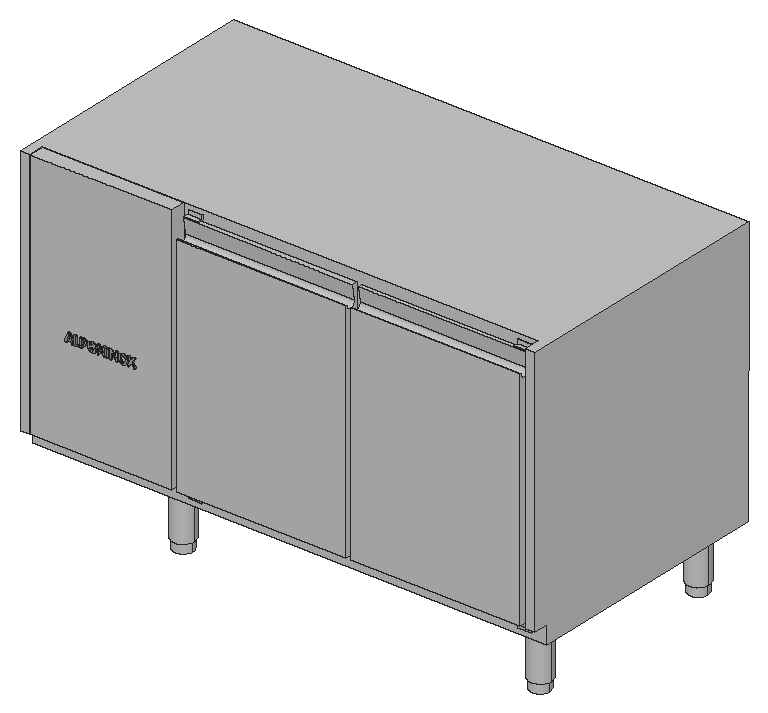
Revit family "QF_ALPENINOX_712000_AH2H7AA", category Specialty Equipment, Revit 2018
Family settings
  Round Connector Dimension = Use Diameter
  Part Type = Normal
  Work Plane-Based = No
  Always vertical = Yes
  Cut with Voids When Loaded = No
  Shared = No
  Room Calculation Point = No
Parameters
  Weight = 0.00 kg
  Watts = 0.0232258 W
  Volts = 220 V
  URL Manufacturer = "http://www.alpeninox.com/"
  URL = "http://www.alpeninox.com/"
  Steam Supply Size = 0 mm
  Steam Supply Minimum Pressure = 0.0 Pa
  Steam Supply Maximum Pressure = 0.0 Pa
  Steam Pounds per Hour = 0
  Show Logo [instance] = yes
  Show Clearance [instance] = yes
  Refrigeration Suction Line Size = 0 mm
  Refrigeration Liquid Line Size = 0 mm
  Refrigerant Compressor Remote = yes
  Manufacturer = "Alpeninox"
  Phase = 1
  Model = "AH2H7AA"
  Length Actual = 1341 mm  # constant formula
  Item Number = "712000"
  Hot Water Size = 0 mm
  Height Actual = 850 mm  # constant formula
  HP = "0.3 HP"
  Gas Size = 0 mm
  Gas KW = 0
  Gas Input Pressure = 0 W
  Description = "2 DOORS REFRIGERATED TABLE 290-NO TOP"
  Depth Actual = 700 mm  # constant formula
  Cycle = 50 Hz
  Condensate Return Size = 0 mm
  Compressed Air Volume = 0.0 L/s
  Compressed Air Size = 0 mm
  Compressed Air Pressure = 0.0 Pa
  Cold Water Size = 0 mm
  Accessory = yes
Reference planes
  plane 1 "Center X": y = 182.5
  plane 2: z = 0
  plane 3 "Center Y": x = -126.5
  plane 4: y = -62.5
  plane 5: y = 451.5
  plane 6 "BACK": y = 532.5
  plane 7 "FRONT": y = -167.5
  plane 8: x = -452
  plane 9: x = 478
  plane 10: z = 150
  plane 11 "TOP": z = 900
  plane 12: z = 850
  plane 13 "LEFT": x = -797
  plane 14 "RIGHT": x = 544
Forms (mm)
  Extrusion 1, solid, material "QF_Finishes_Stainless Steel"
    sketch origin (-126.5, 2, 0) x (0, 1, 0) y (0, 0, 1)
      loop
        line (530.5, 150) -> (530.5, 850) -> (-124.5, 850) -> (-124.5, 150) -> (530.5, 150)
    from -670.5 to 670.5
  Extrusion 2, solid, material "QF_Finishes_Stainless Steel"
    sketch origin (-1022.223, -1524, 150) x (-1, 0, 0) y (0, -1, 0)
      loop
        line (-225.223, -1361.5) -> (-250.223, -1361.5) -> (-250.223, -1401.5) -> (-225.223, -1401.5) -> (-225.223, -1361.5)
      loop
        line (-1566.223, -1401.5) -> (-1541.223, -1401.5) -> (-1541.223, -1361.5) -> (-1566.223, -1361.5) -> (-1566.223, -1401.5)
    from 47 to 700
  Extrusion 3, solid, material "QF_Finishes_Stainless Steel"
    sketch origin (0, 0, 900) x (-1, 0, 0) y (0, -1, 0)
      loop
        circle (-57, -94.5) r 8.45
    from -790.577 to -750
  Extrusion 4, solid, material "QF_Finishes_Stainless Steel"
    sketch origin (0, 0, 0) x (1, 0, 0) y (0, 1, 0)
      loop
        circle (-713, 451.5) r 4
    from 109.423 to 150
Cuts and joins
  joined: Extrusion 1, Extrusion 2
Lines and regions (mm)
  symbolic lines, style "SpecialityEquipmentHiddenLines"
    curve 1: line (-797, -122.5, 900) -> (544, -122.5, 900)
    curve 2: line (-396, -162.5, 900) -> (-396, -122.5, 900)
    curve 3: line (-797, 532.5, 900) -> (544, 532.5, 900)
    curve 4: line (-797, 532.5, 900) -> (-797, -162.5, 900)
    curve 5: line (-797, -162.5, 900) -> (544, -162.5, 900)
    curve 6: line (544, -162.5, 900) -> (544, 532.5, 900)
Dimensions and locks
  locked: plane 6 "BACK" to plane 7 "FRONT" at 700
  equal spacing: plane 6 "BACK", plane 1 "Center X", plane 7 "FRONT"
  locked: plane 6 "BACK" to plane 5 at 81
  plane 10 to level = 150 mm
  plane 11 "TOP" to plane 12 to plane 10 = 50 mm locked, 700 mm locked
  locked: Extrusion 2 sketch curve to Extrusion 2 sketch curve at 25  (x2)
  locked: plane 4 to plane 7 "FRONT" at 105
  locked: plane 6 "BACK" to Extrusion 3 sketch curve at 438
  equal spacing: plane 13 "LEFT", plane 3 "Center Y", plane 14 "RIGHT"
  plane 13 "LEFT" to plane 14 "RIGHT" = 1341 mm
  locked: plane 13 "LEFT" to plane 8 at 345
  locked: plane 9 to plane 14 "RIGHT" at 66
  locked: Extrusion 3 sketch curve to plane 14 "RIGHT" at 487
  plane 13 "LEFT" to Extrusion 4 sketch curve = 84 mm
  locked: plane 6 "BACK" to Extrusion 4 sketch curve at 81
  locked: plane 10 to Extrusion 4 at 40.577
  aligned and locked: level to plane 2
  aligned and locked: plane 10 to Extrusion 3
  aligned and locked: nested 4 to plane 4
  aligned and locked: nested 1 to plane 4
  aligned and locked: nested 3 to plane 5
  aligned and locked: nested 2 to plane 5
  aligned and locked: plane 8 to nested 1
  aligned and locked: plane 8 to nested 2
  aligned and locked: plane 9 to nested 4
  aligned and locked: plane 9 to nested 3
  aligned and locked: Extrusion 1 to Extrusion 2
  aligned and locked: Extrusion 2 to Extrusion 1
  aligned and locked: Extrusion 2 sketch curve to plane 14 "RIGHT"
  aligned and locked: plane 13 "LEFT" to Extrusion 2 sketch curve
  aligned and locked: cut or joined group of Extrusion 1, Extrusion 2 to plane 10
  aligned and locked: plane 12 to cut or joined group of Extrusion 1, Extrusion 2
  aligned and locked: plane 10 to Extrusion 4
Automatic sketch dimensions
  Extrusion 1 sketch curve to plane 10 = 0 mm
  Extrusion 1 sketch curve to plane 12 = 0 mm
  Extrusion 1 sketch curve to plane 6 "BACK" = 0 mm
  plane 7 "FRONT" to Extrusion 1 sketch curve = 45 mm
  plane 7 "FRONT" to Extrusion 2 sketch curve = 45 mm  (x2)
  plane 7 "FRONT" to Extrusion 2 sketch curve = 5 mm  (x2)
  curve 6 to plane 6 "BACK" = 0 mm
  curve 6 to plane 14 "RIGHT" = 0 mm
  curve 5 to plane 13 "LEFT" = 0 mm
  plane 7 "FRONT" to curve 5 = 5 mm
  plane 8 to curve 2 = 56 mm
  curve 1 to curve 4 = 40 mm
  radius of Extrusion 3 sketch curve = 8.45 mm
  radius of Extrusion 4 sketch curve = 4 mm
Nested families
  nested 1: "Foot_Ø50_H150" at (-452, -62.5, 0), type "Foot_Ø50_H150"
  nested 2: "Foot_Ø50_H150" at (-452, 451.5, 0), type "Foot_Ø50_H150"
  nested 3: "Foot_Ø50_H150" at (478, 451.5, 0), type "Foot_Ø50_H150"
  nested 4: "Foot_Ø50_H150" at (478, -62.5, 0), type "Foot_Ø50_H150"
  nested 5: "Door" at (285, -164.5, 0), Show Clearance <- "Show Clearance", type "Door"
  nested 6: "Door" at (-169, -164.5, 0) x (-1, 0, 0) z (0, 0, 1), Show Clearance <- "Show Clearance", type "Door"
  nested 7: "Refrigerator" at (544, -167.5, 900), type "Refrigerator"
  nested 8: "ALP_Cooling Unit" at (-587.5, -164.5, 0), Show Logo <- "Show Logo", type "ALP_Cooling Unit"
Connectors
  electrical at (-713, 451.5, 109.423), driven by "Volts"
    settings: on Extrusion 4, index 4, voltage 220 V, apparent load 0 VA, apparent load phase1 0 VA, apparent load phase2 0 VA, apparent load phase3 0 VA, power factor 1, load classification "Altro", number of poles 1, system type 30, power factor state 1, is connector primary yes, connector utility no, sub classification motor no, connector description "Electrical Connection"
  piping at (57, 94.5, 109.423), diameter 17
    settings: on Extrusion 3, index 5, connector inside diameter 609.6 mm, connector length 0 mm, flow factor 0, pipe flow 0.0 L/s, pressure drop 0.0 Pa, fitting loss kfactor 0, connector angle 0.00°, fixture units 0, engagement length 0 mm, angle of deflection 0.00°, flow configuration 1, flow direction 2, fitting loss method 0, system type 16, joint type 0, gender type 0, connector reference index -1, connector utility 0, adjustable connector no, is connector primary yes, connector description "Drain"
Definition of nested family "Foot_Ø50_H150"
  Reference planes
    plane 1 "Centro (Fronte/Retro)": y = 0
    plane 2: z = 0
    plane 3 "Centro (Sinistra/Destra)": x = 0
    plane 4: z = 150
  Forms (mm)
    Revolve 1, solid
      sketch origin (255.05, 0, 608.09) x (0, 0, 1) y (-1, 0, 0)
        loop
          line (-608.09, 255.05) -> (-608.09, 230.05) -> (-583.09, 230.05) -> (-583.09, 226.05) -> (-458.09, 226.05) -> (-458.09, 255.05) -> (-608.09, 255.05)
        axis (-608.09, 255.05) -> (-458.09, 255.05)
      angle from 0 to 360
  Dimensions and locks
    locked: Revolve 1 sketch curve to Revolve 1 sketch curve at 125
    aligned and locked: level to plane 2
    aligned and locked: plane 4 to Revolve 1 sketch curve
    aligned and locked: Revolve 1 sketch curve to level
    aligned and locked: plane 3 "Centro (Sinistra/Destra)" to Revolve 1 sketch curve
Definition of nested family "Door"
  Parameters
    Show Clearance [instance] = yes
  Reference planes
    plane 1 "FRONT": y = -3
    plane 2: z = 0
    plane 3 "Centro (Sinistra/Destra)": x = 0
    plane 4: z = 150
    plane 5: z = 850
    plane 6: x = -234
    plane 7: x = 234
    plane 8: x = -220
    plane 9: x = 220
  Forms (mm)
    Extrusion 1, solid
      sketch origin (0, 53, 511) x (0, 0, 1) y (0, -1, 0)
        loop
          line (-323.003, 28.5) -> (-316.501, 28.5) -> (-316.501, 31) -> (-325.503, 31) -> (-325.503, 13.5) -> (-345.503, 13.5) -> (-345.503, 11) -> (-323.003, 11) -> (-323.003, 23.259) -> (-323.003, 28.5)
        loop
          line (-314, 27) -> (-316.501, 27) -> (-316.501, 18.501) -> (-319.752, 18.501) -> (-319.752, 16) -> (-314, 16) -> (-314, 27)
        loop
          line (315.003, 27) -> (315.003, 13.948) -> (315.003, 11) -> (327.503, 11) -> (327.503, 13.5) -> (317.503, 13.5) -> (317.503, 27) -> (315.003, 27)
      from 185 to 220
    Extrusion 2, solid, visible <- "Show Clearance", detail levels coarse
      sketch origin (0, 53, 511) x (0, -1, 0) y (1, 0, 0)
        loop
          line (51, 220) -> (51, -220)
          arc (51, -220) -> (339.234, -79.44) -> (454, 220) r 437.168
          line (454, 220) -> (51, 220)
      from -314 to 314
    Extrusion 3, solid
      sketch origin (0, 55, 511) x (0, 0, 1) y (0, -1, 0)
        loop
          line (314, 18) -> (314, 29) -> (274.395, 22.5)
          arc (274.395, 22.5) -> (260.395, 36.5) -> (274.395, 50.5) r 14
          line (274.395, 50.5) -> (274.395, 53) -> (-314, 53) -> (-314, 18) -> (314, 18)
      from -220 to 220
  Lines and regions (mm)
    symbolic lines
      curve 1: line (220, -3, 0) -> (220, -401, 0)
      curve 2: line (220, -401, 0) -> (185, -401, 0)
      curve 3: line (185, -401, 0) -> (185, -3, 0)
      curve 4: arc (-219.722, -3, 0) -> (-89.51, -275.368, 0) -> (185, -401, 0) r 442.855
  Dimensions and locks
    aligned and locked: level to plane 2
Definition of nested family "ALP_Cooling Unit"
  Parameters
    Show Logo [instance] = yes
  Reference planes
    plane 1 "FRONT": y = -3
    plane 2: z = 0
    plane 3 "Centro (Sinistra/Destra)": x = 0
    plane 4: z = 150
    plane 5: z = 850
    plane 6: x = -184.5
    plane 7: x = 184.5
  Forms (mm)
    Extrusion 1, solid
      sketch origin (0, 55, 511) x (0, 0, 1) y (0, -1, 0)
        loop
          line (-314, 53) -> (-314, 13) -> (339, 13) -> (339, 53) -> (-314, 53)
      from -184.5 to 184.5
  Lines and regions (mm)
    Split face 1
      outline origin (0, 2, 197) x (0, 0, 1) y (-1, 0, 0)
        loop
          line (566.835, 184.5) -> (566.835, -184.5)
        loop
          line (521.835, 184.5) -> (521.835, -184.5)
    Split face 2
      outline origin (0, 2, 197) x (0, 0, 1) y (-1, 0, 0)
        loop
          line (526.835, -184.5) -> (526.835, 150.5)
          arc (526.835, 150.5) -> (544.335, 168) -> (561.835, 150.5) r 17.5
          line (561.835, 150.5) -> (561.835, -184.5)
    Split face 3
      outline origin (0, 2, 197) x (0, 0, 1) y (-1, 0, 0)
        loop
          line (555.835, 149.5) -> (532.835, 149.5) -> (532.835, 94.5) -> (555.835, 94.5) -> (555.835, 149.5)
    Split face 4
      outline origin (0, 2, 197) x (0, 0, 1) y (-1, 0, 0)
        loop
          arc (510.649, 158.547) -> (506.648, 162.548) -> (502.647, 158.547) r 4.001
          line (502.647, 158.547) -> (502.647, 116.535)
          arc (502.647, 116.535) -> (506.648, 112.533) -> (510.649, 116.535) r 4.001
          line (510.649, 116.535) -> (510.649, 158.547)
    Split face 5
      outline origin (0, 2, 184.996) x (0, 0, 1) y (-1, 0, 0)
        loop
          arc (510.649, 158.547) -> (506.648, 162.548) -> (502.647, 158.547) r 4.001
          line (502.647, 158.547) -> (502.647, 116.535)
          arc (502.647, 116.535) -> (506.648, 112.533) -> (510.649, 116.535) r 4.001
          line (510.649, 116.535) -> (510.649, 158.547)
    Split face 6
      outline origin (0, 2, 172.993) x (0, 0, 1) y (-1, 0, 0)
        loop
          arc (510.649, 158.547) -> (506.648, 162.548) -> (502.647, 158.547) r 4.001
          line (502.647, 158.547) -> (502.647, 116.535)
          arc (502.647, 116.535) -> (506.648, 112.533) -> (510.649, 116.535) r 4.001
          line (510.649, 116.535) -> (510.649, 158.547)
    Split face 7
      outline origin (0, 2, 160.989) x (0, 0, 1) y (-1, 0, 0)
        loop
          arc (510.649, 158.547) -> (506.648, 162.548) -> (502.647, 158.547) r 4.001
          line (502.647, 158.547) -> (502.647, 116.535)
          arc (502.647, 116.535) -> (506.648, 112.533) -> (510.649, 116.535) r 4.001
          line (510.649, 116.535) -> (510.649, 158.547)
    Split face 8
      outline origin (0, 2, 148.986) x (0, 0, 1) y (-1, 0, 0)
        loop
          arc (510.649, 158.547) -> (506.648, 162.548) -> (502.647, 158.547) r 4.001
          line (502.647, 158.547) -> (502.647, 116.535)
          arc (502.647, 116.535) -> (506.648, 112.533) -> (510.649, 116.535) r 4.001
          line (510.649, 116.535) -> (510.649, 158.547)
    Split face 9
      outline origin (0, 2, 136.982) x (0, 0, 1) y (-1, 0, 0)
        loop
          arc (510.649, 158.547) -> (506.648, 162.548) -> (502.647, 158.547) r 4.001
          line (502.647, 158.547) -> (502.647, 116.535)
          arc (502.647, 116.535) -> (506.648, 112.533) -> (510.649, 116.535) r 4.001
          line (510.649, 116.535) -> (510.649, 158.547)
    Split face 10
      outline origin (0, 2, 124.979) x (0, 0, 1) y (-1, 0, 0)
        loop
          arc (510.649, 158.547) -> (506.648, 162.548) -> (502.647, 158.547) r 4.001
          line (502.647, 158.547) -> (502.647, 116.535)
          arc (502.647, 116.535) -> (506.648, 112.533) -> (510.649, 116.535) r 4.001
          line (510.649, 116.535) -> (510.649, 158.547)
    Split face 11
      outline origin (0, 2, 112.975) x (0, 0, 1) y (-1, 0, 0)
        loop
          arc (510.649, 158.547) -> (506.648, 162.548) -> (502.647, 158.547) r 4.001
          line (502.647, 158.547) -> (502.647, 116.535)
          arc (502.647, 116.535) -> (506.648, 112.533) -> (510.649, 116.535) r 4.001
          line (510.649, 116.535) -> (510.649, 158.547)
    Split face 12
      outline origin (0, 2, 100.972) x (0, 0, 1) y (-1, 0, 0)
        loop
          arc (510.649, 158.547) -> (506.648, 162.548) -> (502.647, 158.547) r 4.001
          line (502.647, 158.547) -> (502.647, 116.535)
          arc (502.647, 116.535) -> (506.648, 112.533) -> (510.649, 116.535) r 4.001
          line (510.649, 116.535) -> (510.649, 158.547)
    Split face 13
      outline origin (0, 2, 88.968) x (0, 0, 1) y (-1, 0, 0)
        loop
          arc (510.649, 158.547) -> (506.648, 162.548) -> (502.647, 158.547) r 4.001
          line (502.647, 158.547) -> (502.647, 116.535)
          arc (502.647, 116.535) -> (506.648, 112.533) -> (510.649, 116.535) r 4.001
          line (510.649, 116.535) -> (510.649, 158.547)
    Split face 14
      outline origin (0, 2, 76.965) x (0, 0, 1) y (-1, 0, 0)
        loop
          arc (510.649, 158.547) -> (506.648, 162.548) -> (502.647, 158.547) r 4.001
          line (502.647, 158.547) -> (502.647, 116.535)
          arc (502.647, 116.535) -> (506.648, 112.533) -> (510.649, 116.535) r 4.001
          line (510.649, 116.535) -> (510.649, 158.547)
    Split face 15
      outline origin (0, 2, 64.961) x (0, 0, 1) y (-1, 0, 0)
        loop
          arc (510.649, 158.547) -> (506.648, 162.548) -> (502.647, 158.547) r 4.001
          line (502.647, 158.547) -> (502.647, 116.535)
          arc (502.647, 116.535) -> (506.648, 112.533) -> (510.649, 116.535) r 4.001
          line (510.649, 116.535) -> (510.649, 158.547)
    Split face 16
      outline origin (0, 2, 52.958) x (0, 0, 1) y (-1, 0, 0)
        loop
          arc (510.649, 158.547) -> (506.648, 162.548) -> (502.647, 158.547) r 4.001
          line (502.647, 158.547) -> (502.647, 116.535)
          arc (502.647, 116.535) -> (506.648, 112.533) -> (510.649, 116.535) r 4.001
          line (510.649, 116.535) -> (510.649, 158.547)
    Split face 17
      outline origin (0, 2, 40.954) x (0, 0, 1) y (-1, 0, 0)
        loop
          arc (510.649, 158.547) -> (506.648, 162.548) -> (502.647, 158.547) r 4.001
          line (502.647, 158.547) -> (502.647, 116.535)
          arc (502.647, 116.535) -> (506.648, 112.533) -> (510.649, 116.535) r 4.001
          line (510.649, 116.535) -> (510.649, 158.547)
    Split face 18
      outline origin (0, 2, 28.951) x (0, 0, 1) y (-1, 0, 0)
        loop
          arc (510.649, 158.547) -> (506.648, 162.548) -> (502.647, 158.547) r 4.001
          line (502.647, 158.547) -> (502.647, 116.535)
          arc (502.647, 116.535) -> (506.648, 112.533) -> (510.649, 116.535) r 4.001
          line (510.649, 116.535) -> (510.649, 158.547)
    Split face 19
      outline origin (0, 2, 16.947) x (0, 0, 1) y (-1, 0, 0)
        loop
          arc (510.649, 158.547) -> (506.648, 162.548) -> (502.647, 158.547) r 4.001
          line (502.647, 158.547) -> (502.647, 116.535)
          arc (502.647, 116.535) -> (506.648, 112.533) -> (510.649, 116.535) r 4.001
          line (510.649, 116.535) -> (510.649, 158.547)
    Split face 20
      outline origin (55.016, 2, 197) x (0, 0, 1) y (-1, 0, 0)
        loop
          arc (510.649, 158.547) -> (506.648, 162.548) -> (502.647, 158.547) r 4.001
          line (502.647, 158.547) -> (502.647, 116.535)
          arc (502.647, 116.535) -> (506.648, 112.533) -> (510.649, 116.535) r 4.001
          line (510.649, 116.535) -> (510.649, 158.547)
    Split face 21
      outline origin (55.016, 2, 184.996) x (0, 0, 1) y (-1, 0, 0)
        loop
          arc (510.649, 158.547) -> (506.648, 162.548) -> (502.647, 158.547) r 4.001
          line (502.647, 158.547) -> (502.647, 116.535)
          arc (502.647, 116.535) -> (506.648, 112.533) -> (510.649, 116.535) r 4.001
          line (510.649, 116.535) -> (510.649, 158.547)
    Split face 22
      outline origin (55.016, 2, 172.993) x (0, 0, 1) y (-1, 0, 0)
        loop
          arc (510.649, 158.547) -> (506.648, 162.548) -> (502.647, 158.547) r 4.001
          line (502.647, 158.547) -> (502.647, 116.535)
          arc (502.647, 116.535) -> (506.648, 112.533) -> (510.649, 116.535) r 4.001
          line (510.649, 116.535) -> (510.649, 158.547)
    Split face 23
      outline origin (55.016, 2, 160.989) x (0, 0, 1) y (-1, 0, 0)
        loop
          arc (510.649, 158.547) -> (506.648, 162.548) -> (502.647, 158.547) r 4.001
          line (502.647, 158.547) -> (502.647, 116.535)
          arc (502.647, 116.535) -> (506.648, 112.533) -> (510.649, 116.535) r 4.001
          line (510.649, 116.535) -> (510.649, 158.547)
    Split face 24
      outline origin (55.016, 2, 148.986) x (0, 0, 1) y (-1, 0, 0)
        loop
          arc (510.649, 158.547) -> (506.648, 162.548) -> (502.647, 158.547) r 4.001
          line (502.647, 158.547) -> (502.647, 116.535)
          arc (502.647, 116.535) -> (506.648, 112.533) -> (510.649, 116.535) r 4.001
          line (510.649, 116.535) -> (510.649, 158.547)
    Split face 25
      outline origin (55.016, 2, 136.982) x (0, 0, 1) y (-1, 0, 0)
        loop
          arc (510.649, 158.547) -> (506.648, 162.548) -> (502.647, 158.547) r 4.001
          line (502.647, 158.547) -> (502.647, 116.535)
          arc (502.647, 116.535) -> (506.648, 112.533) -> (510.649, 116.535) r 4.001
          line (510.649, 116.535) -> (510.649, 158.547)
    Split face 26
      outline origin (55.016, 2, 124.979) x (0, 0, 1) y (-1, 0, 0)
        loop
          arc (510.649, 158.547) -> (506.648, 162.548) -> (502.647, 158.547) r 4.001
          line (502.647, 158.547) -> (502.647, 116.535)
          arc (502.647, 116.535) -> (506.648, 112.533) -> (510.649, 116.535) r 4.001
          line (510.649, 116.535) -> (510.649, 158.547)
    Split face 27
      outline origin (55.016, 2, 112.975) x (0, 0, 1) y (-1, 0, 0)
        loop
          arc (510.649, 158.547) -> (506.648, 162.548) -> (502.647, 158.547) r 4.001
          line (502.647, 158.547) -> (502.647, 116.535)
          arc (502.647, 116.535) -> (506.648, 112.533) -> (510.649, 116.535) r 4.001
          line (510.649, 116.535) -> (510.649, 158.547)
    Split face 28
      outline origin (55.016, 2, 100.972) x (0, 0, 1) y (-1, 0, 0)
        loop
          arc (510.649, 158.547) -> (506.648, 162.548) -> (502.647, 158.547) r 4.001
          line (502.647, 158.547) -> (502.647, 116.535)
          arc (502.647, 116.535) -> (506.648, 112.533) -> (510.649, 116.535) r 4.001
          line (510.649, 116.535) -> (510.649, 158.547)
    Split face 29
      outline origin (55.016, 2, 88.968) x (0, 0, 1) y (-1, 0, 0)
        loop
          arc (510.649, 158.547) -> (506.648, 162.548) -> (502.647, 158.547) r 4.001
          line (502.647, 158.547) -> (502.647, 116.535)
          arc (502.647, 116.535) -> (506.648, 112.533) -> (510.649, 116.535) r 4.001
          line (510.649, 116.535) -> (510.649, 158.547)
    Split face 30
      outline origin (55.016, 2, 76.965) x (0, 0, 1) y (-1, 0, 0)
        loop
          arc (510.649, 158.547) -> (506.648, 162.548) -> (502.647, 158.547) r 4.001
          line (502.647, 158.547) -> (502.647, 116.535)
          arc (502.647, 116.535) -> (506.648, 112.533) -> (510.649, 116.535) r 4.001
          line (510.649, 116.535) -> (510.649, 158.547)
    Split face 31
      outline origin (55.016, 2, 64.961) x (0, 0, 1) y (-1, 0, 0)
        loop
          arc (510.649, 158.547) -> (506.648, 162.548) -> (502.647, 158.547) r 4.001
          line (502.647, 158.547) -> (502.647, 116.535)
          arc (502.647, 116.535) -> (506.648, 112.533) -> (510.649, 116.535) r 4.001
          line (510.649, 116.535) -> (510.649, 158.547)
    Split face 32
      outline origin (55.016, 2, 52.958) x (0, 0, 1) y (-1, 0, 0)
        loop
          arc (510.649, 158.547) -> (506.648, 162.548) -> (502.647, 158.547) r 4.001
          line (502.647, 158.547) -> (502.647, 116.535)
          arc (502.647, 116.535) -> (506.648, 112.533) -> (510.649, 116.535) r 4.001
          line (510.649, 116.535) -> (510.649, 158.547)
    Split face 33
      outline origin (55.016, 2, 40.954) x (0, 0, 1) y (-1, 0, 0)
        loop
          arc (510.649, 158.547) -> (506.648, 162.548) -> (502.647, 158.547) r 4.001
          line (502.647, 158.547) -> (502.647, 116.535)
          arc (502.647, 116.535) -> (506.648, 112.533) -> (510.649, 116.535) r 4.001
          line (510.649, 116.535) -> (510.649, 158.547)
    Split face 34
      outline origin (55.016, 2, 28.951) x (0, 0, 1) y (-1, 0, 0)
        loop
          arc (510.649, 158.547) -> (506.648, 162.548) -> (502.647, 158.547) r 4.001
          line (502.647, 158.547) -> (502.647, 116.535)
          arc (502.647, 116.535) -> (506.648, 112.533) -> (510.649, 116.535) r 4.001
          line (510.649, 116.535) -> (510.649, 158.547)
    Split face 35
      outline origin (55.016, 2, 16.947) x (0, 0, 1) y (-1, 0, 0)
        loop
          arc (510.649, 158.547) -> (506.648, 162.548) -> (502.647, 158.547) r 4.001
          line (502.647, 158.547) -> (502.647, 116.535)
          arc (502.647, 116.535) -> (506.648, 112.533) -> (510.649, 116.535) r 4.001
          line (510.649, 116.535) -> (510.649, 158.547)
    Split face 36
      outline origin (110.032, 2, 197) x (0, 0, 1) y (-1, 0, 0)
        loop
          arc (510.649, 158.547) -> (506.648, 162.548) -> (502.647, 158.547) r 4.001
          line (502.647, 158.547) -> (502.647, 116.535)
          arc (502.647, 116.535) -> (506.648, 112.533) -> (510.649, 116.535) r 4.001
          line (510.649, 116.535) -> (510.649, 158.547)
    Split face 37
      outline origin (110.032, 2, 184.996) x (0, 0, 1) y (-1, 0, 0)
        loop
          arc (510.649, 158.547) -> (506.648, 162.548) -> (502.647, 158.547) r 4.001
          line (502.647, 158.547) -> (502.647, 116.535)
          arc (502.647, 116.535) -> (506.648, 112.533) -> (510.649, 116.535) r 4.001
          line (510.649, 116.535) -> (510.649, 158.547)
    Split face 38
      outline origin (110.032, 2, 172.993) x (0, 0, 1) y (-1, 0, 0)
        loop
          arc (510.649, 158.547) -> (506.648, 162.548) -> (502.647, 158.547) r 4.001
          line (502.647, 158.547) -> (502.647, 116.535)
          arc (502.647, 116.535) -> (506.648, 112.533) -> (510.649, 116.535) r 4.001
          line (510.649, 116.535) -> (510.649, 158.547)
    Split face 39
      outline origin (110.032, 2, 160.989) x (0, 0, 1) y (-1, 0, 0)
        loop
          arc (510.649, 158.547) -> (506.648, 162.548) -> (502.647, 158.547) r 4.001
          line (502.647, 158.547) -> (502.647, 116.535)
          arc (502.647, 116.535) -> (506.648, 112.533) -> (510.649, 116.535) r 4.001
          line (510.649, 116.535) -> (510.649, 158.547)
    Split face 40
      outline origin (110.032, 2, 148.986) x (0, 0, 1) y (-1, 0, 0)
        loop
          arc (510.649, 158.547) -> (506.648, 162.548) -> (502.647, 158.547) r 4.001
          line (502.647, 158.547) -> (502.647, 116.535)
          arc (502.647, 116.535) -> (506.648, 112.533) -> (510.649, 116.535) r 4.001
          line (510.649, 116.535) -> (510.649, 158.547)
    Split face 41
      outline origin (110.032, 2, 136.982) x (0, 0, 1) y (-1, 0, 0)
        loop
          arc (510.649, 158.547) -> (506.648, 162.548) -> (502.647, 158.547) r 4.001
          line (502.647, 158.547) -> (502.647, 116.535)
          arc (502.647, 116.535) -> (506.648, 112.533) -> (510.649, 116.535) r 4.001
          line (510.649, 116.535) -> (510.649, 158.547)
    Split face 42
      outline origin (110.032, 2, 124.979) x (0, 0, 1) y (-1, 0, 0)
        loop
          arc (510.649, 158.547) -> (506.648, 162.548) -> (502.647, 158.547) r 4.001
          line (502.647, 158.547) -> (502.647, 116.535)
          arc (502.647, 116.535) -> (506.648, 112.533) -> (510.649, 116.535) r 4.001
          line (510.649, 116.535) -> (510.649, 158.547)
    Split face 43
      outline origin (110.032, 2, 112.975) x (0, 0, 1) y (-1, 0, 0)
        loop
          arc (510.649, 158.547) -> (506.648, 162.548) -> (502.647, 158.547) r 4.001
          line (502.647, 158.547) -> (502.647, 116.535)
          arc (502.647, 116.535) -> (506.648, 112.533) -> (510.649, 116.535) r 4.001
          line (510.649, 116.535) -> (510.649, 158.547)
    Split face 44
      outline origin (110.032, 2, 100.972) x (0, 0, 1) y (-1, 0, 0)
        loop
          arc (510.649, 158.547) -> (506.648, 162.548) -> (502.647, 158.547) r 4.001
          line (502.647, 158.547) -> (502.647, 116.535)
          arc (502.647, 116.535) -> (506.648, 112.533) -> (510.649, 116.535) r 4.001
          line (510.649, 116.535) -> (510.649, 158.547)
    Split face 45
      outline origin (110.032, 2, 88.968) x (0, 0, 1) y (-1, 0, 0)
        loop
          arc (510.649, 158.547) -> (506.648, 162.548) -> (502.647, 158.547) r 4.001
          line (502.647, 158.547) -> (502.647, 116.535)
          arc (502.647, 116.535) -> (506.648, 112.533) -> (510.649, 116.535) r 4.001
          line (510.649, 116.535) -> (510.649, 158.547)
    Split face 46
      outline origin (110.032, 2, 76.965) x (0, 0, 1) y (-1, 0, 0)
        loop
          arc (510.649, 158.547) -> (506.648, 162.548) -> (502.647, 158.547) r 4.001
          line (502.647, 158.547) -> (502.647, 116.535)
          arc (502.647, 116.535) -> (506.648, 112.533) -> (510.649, 116.535) r 4.001
          line (510.649, 116.535) -> (510.649, 158.547)
    Split face 47
      outline origin (110.032, 2, 64.961) x (0, 0, 1) y (-1, 0, 0)
        loop
          arc (510.649, 158.547) -> (506.648, 162.548) -> (502.647, 158.547) r 4.001
          line (502.647, 158.547) -> (502.647, 116.535)
          arc (502.647, 116.535) -> (506.648, 112.533) -> (510.649, 116.535) r 4.001
          line (510.649, 116.535) -> (510.649, 158.547)
    Split face 48
      outline origin (110.032, 2, 52.958) x (0, 0, 1) y (-1, 0, 0)
        loop
          arc (510.649, 158.547) -> (506.648, 162.548) -> (502.647, 158.547) r 4.001
          line (502.647, 158.547) -> (502.647, 116.535)
          arc (502.647, 116.535) -> (506.648, 112.533) -> (510.649, 116.535) r 4.001
          line (510.649, 116.535) -> (510.649, 158.547)
    Split face 49
      outline origin (110.032, 2, 40.954) x (0, 0, 1) y (-1, 0, 0)
        loop
          arc (510.649, 158.547) -> (506.648, 162.548) -> (502.647, 158.547) r 4.001
          line (502.647, 158.547) -> (502.647, 116.535)
          arc (502.647, 116.535) -> (506.648, 112.533) -> (510.649, 116.535) r 4.001
          line (510.649, 116.535) -> (510.649, 158.547)
    Split face 50
      outline origin (110.032, 2, 28.951) x (0, 0, 1) y (-1, 0, 0)
        loop
          arc (510.649, 158.547) -> (506.648, 162.548) -> (502.647, 158.547) r 4.001
          line (502.647, 158.547) -> (502.647, 116.535)
          arc (502.647, 116.535) -> (506.648, 112.533) -> (510.649, 116.535) r 4.001
          line (510.649, 116.535) -> (510.649, 158.547)
    Split face 51
      outline origin (110.032, 2, 16.947) x (0, 0, 1) y (-1, 0, 0)
        loop
          arc (510.649, 158.547) -> (506.648, 162.548) -> (502.647, 158.547) r 4.001
          line (502.647, 158.547) -> (502.647, 116.535)
          arc (502.647, 116.535) -> (506.648, 112.533) -> (510.649, 116.535) r 4.001
          line (510.649, 116.535) -> (510.649, 158.547)
    Split face 52
      outline origin (165.048, 2, 197) x (0, 0, 1) y (-1, 0, 0)
        loop
          arc (510.649, 158.547) -> (506.648, 162.548) -> (502.647, 158.547) r 4.001
          line (502.647, 158.547) -> (502.647, 116.535)
          arc (502.647, 116.535) -> (506.648, 112.533) -> (510.649, 116.535) r 4.001
          line (510.649, 116.535) -> (510.649, 158.547)
    Split face 53
      outline origin (165.048, 2, 184.996) x (0, 0, 1) y (-1, 0, 0)
        loop
          arc (510.649, 158.547) -> (506.648, 162.548) -> (502.647, 158.547) r 4.001
          line (502.647, 158.547) -> (502.647, 116.535)
          arc (502.647, 116.535) -> (506.648, 112.533) -> (510.649, 116.535) r 4.001
          line (510.649, 116.535) -> (510.649, 158.547)
    Split face 54
      outline origin (165.048, 2, 172.993) x (0, 0, 1) y (-1, 0, 0)
        loop
          arc (510.649, 158.547) -> (506.648, 162.548) -> (502.647, 158.547) r 4.001
          line (502.647, 158.547) -> (502.647, 116.535)
          arc (502.647, 116.535) -> (506.648, 112.533) -> (510.649, 116.535) r 4.001
          line (510.649, 116.535) -> (510.649, 158.547)
    Split face 55
      outline origin (165.048, 2, 160.989) x (0, 0, 1) y (-1, 0, 0)
        loop
          arc (510.649, 158.547) -> (506.648, 162.548) -> (502.647, 158.547) r 4.001
          line (502.647, 158.547) -> (502.647, 116.535)
          arc (502.647, 116.535) -> (506.648, 112.533) -> (510.649, 116.535) r 4.001
          line (510.649, 116.535) -> (510.649, 158.547)
    Split face 56
      outline origin (165.048, 2, 148.986) x (0, 0, 1) y (-1, 0, 0)
        loop
          arc (510.649, 158.547) -> (506.648, 162.548) -> (502.647, 158.547) r 4.001
          line (502.647, 158.547) -> (502.647, 116.535)
          arc (502.647, 116.535) -> (506.648, 112.533) -> (510.649, 116.535) r 4.001
          line (510.649, 116.535) -> (510.649, 158.547)
    Split face 57
      outline origin (165.048, 2, 136.982) x (0, 0, 1) y (-1, 0, 0)
        loop
          arc (510.649, 158.547) -> (506.648, 162.548) -> (502.647, 158.547) r 4.001
          line (502.647, 158.547) -> (502.647, 116.535)
          arc (502.647, 116.535) -> (506.648, 112.533) -> (510.649, 116.535) r 4.001
          line (510.649, 116.535) -> (510.649, 158.547)
    Split face 58
      outline origin (165.048, 2, 124.979) x (0, 0, 1) y (-1, 0, 0)
        loop
          arc (510.649, 158.547) -> (506.648, 162.548) -> (502.647, 158.547) r 4.001
          line (502.647, 158.547) -> (502.647, 116.535)
          arc (502.647, 116.535) -> (506.648, 112.533) -> (510.649, 116.535) r 4.001
          line (510.649, 116.535) -> (510.649, 158.547)
    Split face 59
      outline origin (165.048, 2, 112.975) x (0, 0, 1) y (-1, 0, 0)
        loop
          arc (510.649, 158.547) -> (506.648, 162.548) -> (502.647, 158.547) r 4.001
          line (502.647, 158.547) -> (502.647, 116.535)
          arc (502.647, 116.535) -> (506.648, 112.533) -> (510.649, 116.535) r 4.001
          line (510.649, 116.535) -> (510.649, 158.547)
    Split face 60
      outline origin (165.048, 2, 100.972) x (0, 0, 1) y (-1, 0, 0)
        loop
          arc (510.649, 158.547) -> (506.648, 162.548) -> (502.647, 158.547) r 4.001
          line (502.647, 158.547) -> (502.647, 116.535)
          arc (502.647, 116.535) -> (506.648, 112.533) -> (510.649, 116.535) r 4.001
          line (510.649, 116.535) -> (510.649, 158.547)
    Split face 61
      outline origin (165.048, 2, 88.968) x (0, 0, 1) y (-1, 0, 0)
        loop
          arc (510.649, 158.547) -> (506.648, 162.548) -> (502.647, 158.547) r 4.001
          line (502.647, 158.547) -> (502.647, 116.535)
          arc (502.647, 116.535) -> (506.648, 112.533) -> (510.649, 116.535) r 4.001
          line (510.649, 116.535) -> (510.649, 158.547)
    Split face 62
      outline origin (165.048, 2, 76.965) x (0, 0, 1) y (-1, 0, 0)
        loop
          arc (510.649, 158.547) -> (506.648, 162.548) -> (502.647, 158.547) r 4.001
          line (502.647, 158.547) -> (502.647, 116.535)
          arc (502.647, 116.535) -> (506.648, 112.533) -> (510.649, 116.535) r 4.001
          line (510.649, 116.535) -> (510.649, 158.547)
    Split face 63
      outline origin (165.048, 2, 64.961) x (0, 0, 1) y (-1, 0, 0)
        loop
          arc (510.649, 158.547) -> (506.648, 162.548) -> (502.647, 158.547) r 4.001
          line (502.647, 158.547) -> (502.647, 116.535)
          arc (502.647, 116.535) -> (506.648, 112.533) -> (510.649, 116.535) r 4.001
          line (510.649, 116.535) -> (510.649, 158.547)
    Split face 64
      outline origin (165.048, 2, 52.958) x (0, 0, 1) y (-1, 0, 0)
        loop
          arc (510.649, 158.547) -> (506.648, 162.548) -> (502.647, 158.547) r 4.001
          line (502.647, 158.547) -> (502.647, 116.535)
          arc (502.647, 116.535) -> (506.648, 112.533) -> (510.649, 116.535) r 4.001
          line (510.649, 116.535) -> (510.649, 158.547)
    Split face 65
      outline origin (165.048, 2, 40.954) x (0, 0, 1) y (-1, 0, 0)
        loop
          arc (510.649, 158.547) -> (506.648, 162.548) -> (502.647, 158.547) r 4.001
          line (502.647, 158.547) -> (502.647, 116.535)
          arc (502.647, 116.535) -> (506.648, 112.533) -> (510.649, 116.535) r 4.001
          line (510.649, 116.535) -> (510.649, 158.547)
    Split face 66
      outline origin (165.048, 2, 28.951) x (0, 0, 1) y (-1, 0, 0)
        loop
          arc (510.649, 158.547) -> (506.648, 162.548) -> (502.647, 158.547) r 4.001
          line (502.647, 158.547) -> (502.647, 116.535)
          arc (502.647, 116.535) -> (506.648, 112.533) -> (510.649, 116.535) r 4.001
          line (510.649, 116.535) -> (510.649, 158.547)
    Split face 67
      outline origin (165.048, 2, 16.947) x (0, 0, 1) y (-1, 0, 0)
        loop
          arc (510.649, 158.547) -> (506.648, 162.548) -> (502.647, 158.547) r 4.001
          line (502.647, 158.547) -> (502.647, 116.535)
          arc (502.647, 116.535) -> (506.648, 112.533) -> (510.649, 116.535) r 4.001
          line (510.649, 116.535) -> (510.649, 158.547)
    Split face 68
      outline origin (220.064, 2, 197) x (0, 0, 1) y (-1, 0, 0)
        loop
          arc (510.649, 158.547) -> (506.648, 162.548) -> (502.647, 158.547) r 4.001
          line (502.647, 158.547) -> (502.647, 116.535)
          arc (502.647, 116.535) -> (506.648, 112.533) -> (510.649, 116.535) r 4.001
          line (510.649, 116.535) -> (510.649, 158.547)
    Split face 69
      outline origin (220.064, 2, 184.996) x (0, 0, 1) y (-1, 0, 0)
        loop
          arc (510.649, 158.547) -> (506.648, 162.548) -> (502.647, 158.547) r 4.001
          line (502.647, 158.547) -> (502.647, 116.535)
          arc (502.647, 116.535) -> (506.648, 112.533) -> (510.649, 116.535) r 4.001
          line (510.649, 116.535) -> (510.649, 158.547)
    Split face 70
      outline origin (220.064, 2, 172.993) x (0, 0, 1) y (-1, 0, 0)
        loop
          arc (510.649, 158.547) -> (506.648, 162.548) -> (502.647, 158.547) r 4.001
          line (502.647, 158.547) -> (502.647, 116.535)
          arc (502.647, 116.535) -> (506.648, 112.533) -> (510.649, 116.535) r 4.001
          line (510.649, 116.535) -> (510.649, 158.547)
    Split face 71
      outline origin (220.064, 2, 160.989) x (0, 0, 1) y (-1, 0, 0)
        loop
          arc (510.649, 158.547) -> (506.648, 162.548) -> (502.647, 158.547) r 4.001
          line (502.647, 158.547) -> (502.647, 116.535)
          arc (502.647, 116.535) -> (506.648, 112.533) -> (510.649, 116.535) r 4.001
          line (510.649, 116.535) -> (510.649, 158.547)
    Split face 72
      outline origin (220.064, 2, 148.986) x (0, 0, 1) y (-1, 0, 0)
        loop
          arc (510.649, 158.547) -> (506.648, 162.548) -> (502.647, 158.547) r 4.001
          line (502.647, 158.547) -> (502.647, 116.535)
          arc (502.647, 116.535) -> (506.648, 112.533) -> (510.649, 116.535) r 4.001
          line (510.649, 116.535) -> (510.649, 158.547)
    Split face 73
      outline origin (220.064, 2, 136.982) x (0, 0, 1) y (-1, 0, 0)
        loop
          arc (510.649, 158.547) -> (506.648, 162.548) -> (502.647, 158.547) r 4.001
          line (502.647, 158.547) -> (502.647, 116.535)
          arc (502.647, 116.535) -> (506.648, 112.533) -> (510.649, 116.535) r 4.001
          line (510.649, 116.535) -> (510.649, 158.547)
    Split face 74
      outline origin (220.064, 2, 124.979) x (0, 0, 1) y (-1, 0, 0)
        loop
          arc (510.649, 158.547) -> (506.648, 162.548) -> (502.647, 158.547) r 4.001
          line (502.647, 158.547) -> (502.647, 116.535)
          arc (502.647, 116.535) -> (506.648, 112.533) -> (510.649, 116.535) r 4.001
          line (510.649, 116.535) -> (510.649, 158.547)
    Split face 75
      outline origin (220.064, 2, 112.975) x (0, 0, 1) y (-1, 0, 0)
        loop
          arc (510.649, 158.547) -> (506.648, 162.548) -> (502.647, 158.547) r 4.001
          line (502.647, 158.547) -> (502.647, 116.535)
          arc (502.647, 116.535) -> (506.648, 112.533) -> (510.649, 116.535) r 4.001
          line (510.649, 116.535) -> (510.649, 158.547)
    Split face 76
      outline origin (220.064, 2, 100.972) x (0, 0, 1) y (-1, 0, 0)
        loop
          arc (510.649, 158.547) -> (506.648, 162.548) -> (502.647, 158.547) r 4.001
          line (502.647, 158.547) -> (502.647, 116.535)
          arc (502.647, 116.535) -> (506.648, 112.533) -> (510.649, 116.535) r 4.001
          line (510.649, 116.535) -> (510.649, 158.547)
    Split face 77
      outline origin (220.064, 2, 88.968) x (0, 0, 1) y (-1, 0, 0)
        loop
          arc (510.649, 158.547) -> (506.648, 162.548) -> (502.647, 158.547) r 4.001
          line (502.647, 158.547) -> (502.647, 116.535)
          arc (502.647, 116.535) -> (506.648, 112.533) -> (510.649, 116.535) r 4.001
          line (510.649, 116.535) -> (510.649, 158.547)
    Split face 78
      outline origin (220.064, 2, 76.965) x (0, 0, 1) y (-1, 0, 0)
        loop
          arc (510.649, 158.547) -> (506.648, 162.548) -> (502.647, 158.547) r 4.001
          line (502.647, 158.547) -> (502.647, 116.535)
          arc (502.647, 116.535) -> (506.648, 112.533) -> (510.649, 116.535) r 4.001
          line (510.649, 116.535) -> (510.649, 158.547)
    Split face 79
      outline origin (220.064, 2, 64.961) x (0, 0, 1) y (-1, 0, 0)
        loop
          arc (510.649, 158.547) -> (506.648, 162.548) -> (502.647, 158.547) r 4.001
          line (502.647, 158.547) -> (502.647, 116.535)
          arc (502.647, 116.535) -> (506.648, 112.533) -> (510.649, 116.535) r 4.001
          line (510.649, 116.535) -> (510.649, 158.547)
    Split face 80
      outline origin (220.064, 2, 52.958) x (0, 0, 1) y (-1, 0, 0)
        loop
          arc (510.649, 158.547) -> (506.648, 162.548) -> (502.647, 158.547) r 4.001
          line (502.647, 158.547) -> (502.647, 116.535)
          arc (502.647, 116.535) -> (506.648, 112.533) -> (510.649, 116.535) r 4.001
          line (510.649, 116.535) -> (510.649, 158.547)
    Split face 81
      outline origin (220.064, 2, 40.954) x (0, 0, 1) y (-1, 0, 0)
        loop
          arc (510.649, 158.547) -> (506.648, 162.548) -> (502.647, 158.547) r 4.001
          line (502.647, 158.547) -> (502.647, 116.535)
          arc (502.647, 116.535) -> (506.648, 112.533) -> (510.649, 116.535) r 4.001
          line (510.649, 116.535) -> (510.649, 158.547)
    Split face 82
      outline origin (220.064, 2, 28.951) x (0, 0, 1) y (-1, 0, 0)
        loop
          arc (510.649, 158.547) -> (506.648, 162.548) -> (502.647, 158.547) r 4.001
          line (502.647, 158.547) -> (502.647, 116.535)
          arc (502.647, 116.535) -> (506.648, 112.533) -> (510.649, 116.535) r 4.001
          line (510.649, 116.535) -> (510.649, 158.547)
    Split face 83
      outline origin (220.064, 2, 16.947) x (0, 0, 1) y (-1, 0, 0)
        loop
          arc (510.649, 158.547) -> (506.648, 162.548) -> (502.647, 158.547) r 4.001
          line (502.647, 158.547) -> (502.647, 116.535)
          arc (502.647, 116.535) -> (506.648, 112.533) -> (510.649, 116.535) r 4.001
          line (510.649, 116.535) -> (510.649, 158.547)
    Split face 84
      outline origin (275.081, 2, 197) x (0, 0, 1) y (-1, 0, 0)
        loop
          arc (510.649, 158.547) -> (506.648, 162.548) -> (502.647, 158.547) r 4.001
          line (502.647, 158.547) -> (502.647, 116.535)
          arc (502.647, 116.535) -> (506.648, 112.533) -> (510.649, 116.535) r 4.001
          line (510.649, 116.535) -> (510.649, 158.547)
    Split face 85
      outline origin (275.081, 2, 184.996) x (0, 0, 1) y (-1, 0, 0)
        loop
          arc (510.649, 158.547) -> (506.648, 162.548) -> (502.647, 158.547) r 4.001
          line (502.647, 158.547) -> (502.647, 116.535)
          arc (502.647, 116.535) -> (506.648, 112.533) -> (510.649, 116.535) r 4.001
          line (510.649, 116.535) -> (510.649, 158.547)
    Split face 86
      outline origin (275.081, 2, 172.993) x (0, 0, 1) y (-1, 0, 0)
        loop
          arc (510.649, 158.547) -> (506.648, 162.548) -> (502.647, 158.547) r 4.001
          line (502.647, 158.547) -> (502.647, 116.535)
          arc (502.647, 116.535) -> (506.648, 112.533) -> (510.649, 116.535) r 4.001
          line (510.649, 116.535) -> (510.649, 158.547)
    Split face 87
      outline origin (275.081, 2, 160.989) x (0, 0, 1) y (-1, 0, 0)
        loop
          arc (510.649, 158.547) -> (506.648, 162.548) -> (502.647, 158.547) r 4.001
          line (502.647, 158.547) -> (502.647, 116.535)
          arc (502.647, 116.535) -> (506.648, 112.533) -> (510.649, 116.535) r 4.001
          line (510.649, 116.535) -> (510.649, 158.547)
    Split face 88
      outline origin (275.081, 2, 148.986) x (0, 0, 1) y (-1, 0, 0)
        loop
          arc (510.649, 158.547) -> (506.648, 162.548) -> (502.647, 158.547) r 4.001
          line (502.647, 158.547) -> (502.647, 116.535)
          arc (502.647, 116.535) -> (506.648, 112.533) -> (510.649, 116.535) r 4.001
          line (510.649, 116.535) -> (510.649, 158.547)
    Split face 89
      outline origin (275.081, 2, 136.982) x (0, 0, 1) y (-1, 0, 0)
        loop
          arc (510.649, 158.547) -> (506.648, 162.548) -> (502.647, 158.547) r 4.001
          line (502.647, 158.547) -> (502.647, 116.535)
          arc (502.647, 116.535) -> (506.648, 112.533) -> (510.649, 116.535) r 4.001
          line (510.649, 116.535) -> (510.649, 158.547)
    Split face 90
      outline origin (275.081, 2, 124.979) x (0, 0, 1) y (-1, 0, 0)
        loop
          arc (510.649, 158.547) -> (506.648, 162.548) -> (502.647, 158.547) r 4.001
          line (502.647, 158.547) -> (502.647, 116.535)
          arc (502.647, 116.535) -> (506.648, 112.533) -> (510.649, 116.535) r 4.001
          line (510.649, 116.535) -> (510.649, 158.547)
    Split face 91
      outline origin (275.081, 2, 112.975) x (0, 0, 1) y (-1, 0, 0)
        loop
          arc (510.649, 158.547) -> (506.648, 162.548) -> (502.647, 158.547) r 4.001
          line (502.647, 158.547) -> (502.647, 116.535)
          arc (502.647, 116.535) -> (506.648, 112.533) -> (510.649, 116.535) r 4.001
          line (510.649, 116.535) -> (510.649, 158.547)
    Split face 92
      outline origin (275.081, 2, 100.972) x (0, 0, 1) y (-1, 0, 0)
        loop
          arc (510.649, 158.547) -> (506.648, 162.548) -> (502.647, 158.547) r 4.001
          line (502.647, 158.547) -> (502.647, 116.535)
          arc (502.647, 116.535) -> (506.648, 112.533) -> (510.649, 116.535) r 4.001
          line (510.649, 116.535) -> (510.649, 158.547)
    Split face 93
      outline origin (275.081, 2, 88.968) x (0, 0, 1) y (-1, 0, 0)
        loop
          arc (510.649, 158.547) -> (506.648, 162.548) -> (502.647, 158.547) r 4.001
          line (502.647, 158.547) -> (502.647, 116.535)
          arc (502.647, 116.535) -> (506.648, 112.533) -> (510.649, 116.535) r 4.001
          line (510.649, 116.535) -> (510.649, 158.547)
    Split face 94
      outline origin (275.081, 2, 76.965) x (0, 0, 1) y (-1, 0, 0)
        loop
          arc (510.649, 158.547) -> (506.648, 162.548) -> (502.647, 158.547) r 4.001
          line (502.647, 158.547) -> (502.647, 116.535)
          arc (502.647, 116.535) -> (506.648, 112.533) -> (510.649, 116.535) r 4.001
          line (510.649, 116.535) -> (510.649, 158.547)
    Split face 95
      outline origin (275.081, 2, 64.961) x (0, 0, 1) y (-1, 0, 0)
        loop
          arc (510.649, 158.547) -> (506.648, 162.548) -> (502.647, 158.547) r 4.001
          line (502.647, 158.547) -> (502.647, 116.535)
          arc (502.647, 116.535) -> (506.648, 112.533) -> (510.649, 116.535) r 4.001
          line (510.649, 116.535) -> (510.649, 158.547)
    Split face 96
      outline origin (275.081, 2, 52.958) x (0, 0, 1) y (-1, 0, 0)
        loop
          arc (510.649, 158.547) -> (506.648, 162.548) -> (502.647, 158.547) r 4.001
          line (502.647, 158.547) -> (502.647, 116.535)
          arc (502.647, 116.535) -> (506.648, 112.533) -> (510.649, 116.535) r 4.001
          line (510.649, 116.535) -> (510.649, 158.547)
    Split face 97
      outline origin (275.081, 2, 40.954) x (0, 0, 1) y (-1, 0, 0)
        loop
          arc (510.649, 158.547) -> (506.648, 162.548) -> (502.647, 158.547) r 4.001
          line (502.647, 158.547) -> (502.647, 116.535)
          arc (502.647, 116.535) -> (506.648, 112.533) -> (510.649, 116.535) r 4.001
          line (510.649, 116.535) -> (510.649, 158.547)
    Split face 98
      outline origin (275.081, 2, 28.951) x (0, 0, 1) y (-1, 0, 0)
        loop
          arc (510.649, 158.547) -> (506.648, 162.548) -> (502.647, 158.547) r 4.001
          line (502.647, 158.547) -> (502.647, 116.535)
          arc (502.647, 116.535) -> (506.648, 112.533) -> (510.649, 116.535) r 4.001
          line (510.649, 116.535) -> (510.649, 158.547)
    Split face 99
      outline origin (275.081, 2, 16.947) x (0, 0, 1) y (-1, 0, 0)
        loop
          arc (510.649, 158.547) -> (506.648, 162.548) -> (502.647, 158.547) r 4.001
          line (502.647, 158.547) -> (502.647, 116.535)
          arc (502.647, 116.535) -> (506.648, 112.533) -> (510.649, 116.535) r 4.001
          line (510.649, 116.535) -> (510.649, 158.547)
    Split face 100
      outline origin (0, 2, -113.091) x (0, 0, 1) y (-1, 0, 0)
        loop
          arc (510.649, 158.547) -> (506.648, 162.548) -> (502.647, 158.547) r 4.001
          line (502.647, 158.547) -> (502.647, 116.535)
          arc (502.647, 116.535) -> (506.648, 112.533) -> (510.649, 116.535) r 4.001
          line (510.649, 116.535) -> (510.649, 158.547)
    Split face 101
      outline origin (0, 2, -125.094) x (0, 0, 1) y (-1, 0, 0)
        loop
          arc (510.649, 158.547) -> (506.648, 162.548) -> (502.647, 158.547) r 4.001
          line (502.647, 158.547) -> (502.647, 116.535)
          arc (502.647, 116.535) -> (506.648, 112.533) -> (510.649, 116.535) r 4.001
          line (510.649, 116.535) -> (510.649, 158.547)
    Split face 102
      outline origin (0, 2, -137.098) x (0, 0, 1) y (-1, 0, 0)
        loop
          arc (510.649, 158.547) -> (506.648, 162.548) -> (502.647, 158.547) r 4.001
          line (502.647, 158.547) -> (502.647, 116.535)
          arc (502.647, 116.535) -> (506.648, 112.533) -> (510.649, 116.535) r 4.001
          line (510.649, 116.535) -> (510.649, 158.547)
    Split face 103
      outline origin (0, 2, -149.101) x (0, 0, 1) y (-1, 0, 0)
        loop
          arc (510.649, 158.547) -> (506.648, 162.548) -> (502.647, 158.547) r 4.001
          line (502.647, 158.547) -> (502.647, 116.535)
          arc (502.647, 116.535) -> (506.648, 112.533) -> (510.649, 116.535) r 4.001
          line (510.649, 116.535) -> (510.649, 158.547)
    Split face 104
      outline origin (0, 2, -161.105) x (0, 0, 1) y (-1, 0, 0)
        loop
          arc (510.649, 158.547) -> (506.648, 162.548) -> (502.647, 158.547) r 4.001
          line (502.647, 158.547) -> (502.647, 116.535)
          arc (502.647, 116.535) -> (506.648, 112.533) -> (510.649, 116.535) r 4.001
          line (510.649, 116.535) -> (510.649, 158.547)
    Split face 105
      outline origin (0, 2, -173.108) x (0, 0, 1) y (-1, 0, 0)
        loop
          arc (510.649, 158.547) -> (506.648, 162.548) -> (502.647, 158.547) r 4.001
          line (502.647, 158.547) -> (502.647, 116.535)
          arc (502.647, 116.535) -> (506.648, 112.533) -> (510.649, 116.535) r 4.001
          line (510.649, 116.535) -> (510.649, 158.547)
    Split face 106
      outline origin (0, 2, -185.112) x (0, 0, 1) y (-1, 0, 0)
        loop
          arc (510.649, 158.547) -> (506.648, 162.548) -> (502.647, 158.547) r 4.001
          line (502.647, 158.547) -> (502.647, 116.535)
          arc (502.647, 116.535) -> (506.648, 112.533) -> (510.649, 116.535) r 4.001
          line (510.649, 116.535) -> (510.649, 158.547)
    Split face 107
      outline origin (0, 2, -197.115) x (0, 0, 1) y (-1, 0, 0)
        loop
          arc (510.649, 158.547) -> (506.648, 162.548) -> (502.647, 158.547) r 4.001
          line (502.647, 158.547) -> (502.647, 116.535)
          arc (502.647, 116.535) -> (506.648, 112.533) -> (510.649, 116.535) r 4.001
          line (510.649, 116.535) -> (510.649, 158.547)
    Split face 108
      outline origin (0, 2, -209.119) x (0, 0, 1) y (-1, 0, 0)
        loop
          arc (510.649, 158.547) -> (506.648, 162.548) -> (502.647, 158.547) r 4.001
          line (502.647, 158.547) -> (502.647, 116.535)
          arc (502.647, 116.535) -> (506.648, 112.533) -> (510.649, 116.535) r 4.001
          line (510.649, 116.535) -> (510.649, 158.547)
    Split face 109
      outline origin (0, 2, -221.122) x (0, 0, 1) y (-1, 0, 0)
        loop
          arc (510.649, 158.547) -> (506.648, 162.548) -> (502.647, 158.547) r 4.001
          line (502.647, 158.547) -> (502.647, 116.535)
          arc (502.647, 116.535) -> (506.648, 112.533) -> (510.649, 116.535) r 4.001
          line (510.649, 116.535) -> (510.649, 158.547)
    Split face 110
      outline origin (0, 2, -233.126) x (0, 0, 1) y (-1, 0, 0)
        loop
          arc (510.649, 158.547) -> (506.648, 162.548) -> (502.647, 158.547) r 4.001
          line (502.647, 158.547) -> (502.647, 116.535)
          arc (502.647, 116.535) -> (506.648, 112.533) -> (510.649, 116.535) r 4.001
          line (510.649, 116.535) -> (510.649, 158.547)
    Split face 111
      outline origin (0, 2, -245.129) x (0, 0, 1) y (-1, 0, 0)
        loop
          arc (510.649, 158.547) -> (506.648, 162.548) -> (502.647, 158.547) r 4.001
          line (502.647, 158.547) -> (502.647, 116.535)
          arc (502.647, 116.535) -> (506.648, 112.533) -> (510.649, 116.535) r 4.001
          line (510.649, 116.535) -> (510.649, 158.547)
    Split face 112
      outline origin (0, 2, -257.133) x (0, 0, 1) y (-1, 0, 0)
        loop
          arc (510.649, 158.547) -> (506.648, 162.548) -> (502.647, 158.547) r 4.001
          line (502.647, 158.547) -> (502.647, 116.535)
          arc (502.647, 116.535) -> (506.648, 112.533) -> (510.649, 116.535) r 4.001
          line (510.649, 116.535) -> (510.649, 158.547)
    Split face 113
      outline origin (0, 2, -269.136) x (0, 0, 1) y (-1, 0, 0)
        loop
          arc (510.649, 158.547) -> (506.648, 162.548) -> (502.647, 158.547) r 4.001
          line (502.647, 158.547) -> (502.647, 116.535)
          arc (502.647, 116.535) -> (506.648, 112.533) -> (510.649, 116.535) r 4.001
          line (510.649, 116.535) -> (510.649, 158.547)
    Split face 114
      outline origin (0, 2, -281.14) x (0, 0, 1) y (-1, 0, 0)
        loop
          arc (510.649, 158.547) -> (506.648, 162.548) -> (502.647, 158.547) r 4.001
          line (502.647, 158.547) -> (502.647, 116.535)
          arc (502.647, 116.535) -> (506.648, 112.533) -> (510.649, 116.535) r 4.001
          line (510.649, 116.535) -> (510.649, 158.547)
    Split face 115
      outline origin (0, 2, -293.144) x (0, 0, 1) y (-1, 0, 0)
        loop
          arc (510.649, 158.547) -> (506.648, 162.548) -> (502.647, 158.547) r 4.001
          line (502.647, 158.547) -> (502.647, 116.535)
          arc (502.647, 116.535) -> (506.648, 112.533) -> (510.649, 116.535) r 4.001
          line (510.649, 116.535) -> (510.649, 158.547)
    Split face 116
      outline origin (55.016, 2, -113.091) x (0, 0, 1) y (-1, 0, 0)
        loop
          arc (510.649, 158.547) -> (506.648, 162.548) -> (502.647, 158.547) r 4.001
          line (502.647, 158.547) -> (502.647, 116.535)
          arc (502.647, 116.535) -> (506.648, 112.533) -> (510.649, 116.535) r 4.001
          line (510.649, 116.535) -> (510.649, 158.547)
    Split face 117
      outline origin (55.016, 2, -125.094) x (0, 0, 1) y (-1, 0, 0)
        loop
          arc (510.649, 158.547) -> (506.648, 162.548) -> (502.647, 158.547) r 4.001
          line (502.647, 158.547) -> (502.647, 116.535)
          arc (502.647, 116.535) -> (506.648, 112.533) -> (510.649, 116.535) r 4.001
          line (510.649, 116.535) -> (510.649, 158.547)
    Split face 118
      outline origin (55.016, 2, -137.098) x (0, 0, 1) y (-1, 0, 0)
        loop
          arc (510.649, 158.547) -> (506.648, 162.548) -> (502.647, 158.547) r 4.001
          line (502.647, 158.547) -> (502.647, 116.535)
          arc (502.647, 116.535) -> (506.648, 112.533) -> (510.649, 116.535) r 4.001
          line (510.649, 116.535) -> (510.649, 158.547)
    Split face 119
      outline origin (55.016, 2, -149.101) x (0, 0, 1) y (-1, 0, 0)
        loop
          arc (510.649, 158.547) -> (506.648, 162.548) -> (502.647, 158.547) r 4.001
          line (502.647, 158.547) -> (502.647, 116.535)
          arc (502.647, 116.535) -> (506.648, 112.533) -> (510.649, 116.535) r 4.001
          line (510.649, 116.535) -> (510.649, 158.547)
    Split face 120
      outline origin (55.016, 2, -161.105) x (0, 0, 1) y (-1, 0, 0)
        loop
          arc (510.649, 158.547) -> (506.648, 162.548) -> (502.647, 158.547) r 4.001
          line (502.647, 158.547) -> (502.647, 116.535)
          arc (502.647, 116.535) -> (506.648, 112.533) -> (510.649, 116.535) r 4.001
          line (510.649, 116.535) -> (510.649, 158.547)
    Split face 121
      outline origin (55.016, 2, -173.108) x (0, 0, 1) y (-1, 0, 0)
        loop
          arc (510.649, 158.547) -> (506.648, 162.548) -> (502.647, 158.547) r 4.001
          line (502.647, 158.547) -> (502.647, 116.535)
          arc (502.647, 116.535) -> (506.648, 112.533) -> (510.649, 116.535) r 4.001
          line (510.649, 116.535) -> (510.649, 158.547)
    Split face 122
      outline origin (55.016, 2, -185.112) x (0, 0, 1) y (-1, 0, 0)
        loop
          arc (510.649, 158.547) -> (506.648, 162.548) -> (502.647, 158.547) r 4.001
          line (502.647, 158.547) -> (502.647, 116.535)
          arc (502.647, 116.535) -> (506.648, 112.533) -> (510.649, 116.535) r 4.001
          line (510.649, 116.535) -> (510.649, 158.547)
    Split face 123
      outline origin (55.016, 2, -197.115) x (0, 0, 1) y (-1, 0, 0)
        loop
          arc (510.649, 158.547) -> (506.648, 162.548) -> (502.647, 158.547) r 4.001
          line (502.647, 158.547) -> (502.647, 116.535)
          arc (502.647, 116.535) -> (506.648, 112.533) -> (510.649, 116.535) r 4.001
          line (510.649, 116.535) -> (510.649, 158.547)
    Split face 124
      outline origin (55.016, 2, -209.119) x (0, 0, 1) y (-1, 0, 0)
        loop
          arc (510.649, 158.547) -> (506.648, 162.548) -> (502.647, 158.547) r 4.001
          line (502.647, 158.547) -> (502.647, 116.535)
          arc (502.647, 116.535) -> (506.648, 112.533) -> (510.649, 116.535) r 4.001
          line (510.649, 116.535) -> (510.649, 158.547)
    Split face 125
      outline origin (55.016, 2, -221.122) x (0, 0, 1) y (-1, 0, 0)
        loop
          arc (510.649, 158.547) -> (506.648, 162.548) -> (502.647, 158.547) r 4.001
          line (502.647, 158.547) -> (502.647, 116.535)
          arc (502.647, 116.535) -> (506.648, 112.533) -> (510.649, 116.535) r 4.001
          line (510.649, 116.535) -> (510.649, 158.547)
    Split face 126
      outline origin (55.016, 2, -233.126) x (0, 0, 1) y (-1, 0, 0)
        loop
          arc (510.649, 158.547) -> (506.648, 162.548) -> (502.647, 158.547) r 4.001
          line (502.647, 158.547) -> (502.647, 116.535)
          arc (502.647, 116.535) -> (506.648, 112.533) -> (510.649, 116.535) r 4.001
          line (510.649, 116.535) -> (510.649, 158.547)
    Split face 127
      outline origin (55.016, 2, -245.129) x (0, 0, 1) y (-1, 0, 0)
        loop
          arc (510.649, 158.547) -> (506.648, 162.548) -> (502.647, 158.547) r 4.001
          line (502.647, 158.547) -> (502.647, 116.535)
          arc (502.647, 116.535) -> (506.648, 112.533) -> (510.649, 116.535) r 4.001
          line (510.649, 116.535) -> (510.649, 158.547)
    Split face 128
      outline origin (55.016, 2, -257.133) x (0, 0, 1) y (-1, 0, 0)
        loop
          arc (510.649, 158.547) -> (506.648, 162.548) -> (502.647, 158.547) r 4.001
          line (502.647, 158.547) -> (502.647, 116.535)
          arc (502.647, 116.535) -> (506.648, 112.533) -> (510.649, 116.535) r 4.001
          line (510.649, 116.535) -> (510.649, 158.547)
    Split face 129
      outline origin (55.016, 2, -269.136) x (0, 0, 1) y (-1, 0, 0)
        loop
          arc (510.649, 158.547) -> (506.648, 162.548) -> (502.647, 158.547) r 4.001
          line (502.647, 158.547) -> (502.647, 116.535)
          arc (502.647, 116.535) -> (506.648, 112.533) -> (510.649, 116.535) r 4.001
          line (510.649, 116.535) -> (510.649, 158.547)
    Split face 130
      outline origin (55.016, 2, -281.14) x (0, 0, 1) y (-1, 0, 0)
        loop
          arc (510.649, 158.547) -> (506.648, 162.548) -> (502.647, 158.547) r 4.001
          line (502.647, 158.547) -> (502.647, 116.535)
          arc (502.647, 116.535) -> (506.648, 112.533) -> (510.649, 116.535) r 4.001
          line (510.649, 116.535) -> (510.649, 158.547)
    Split face 131
      outline origin (55.016, 2, -293.144) x (0, 0, 1) y (-1, 0, 0)
        loop
          arc (510.649, 158.547) -> (506.648, 162.548) -> (502.647, 158.547) r 4.001
          line (502.647, 158.547) -> (502.647, 116.535)
          arc (502.647, 116.535) -> (506.648, 112.533) -> (510.649, 116.535) r 4.001
          line (510.649, 116.535) -> (510.649, 158.547)
    Split face 132
      outline origin (110.032, 2, -113.091) x (0, 0, 1) y (-1, 0, 0)
        loop
          arc (510.649, 158.547) -> (506.648, 162.548) -> (502.647, 158.547) r 4.001
          line (502.647, 158.547) -> (502.647, 116.535)
          arc (502.647, 116.535) -> (506.648, 112.533) -> (510.649, 116.535) r 4.001
          line (510.649, 116.535) -> (510.649, 158.547)
